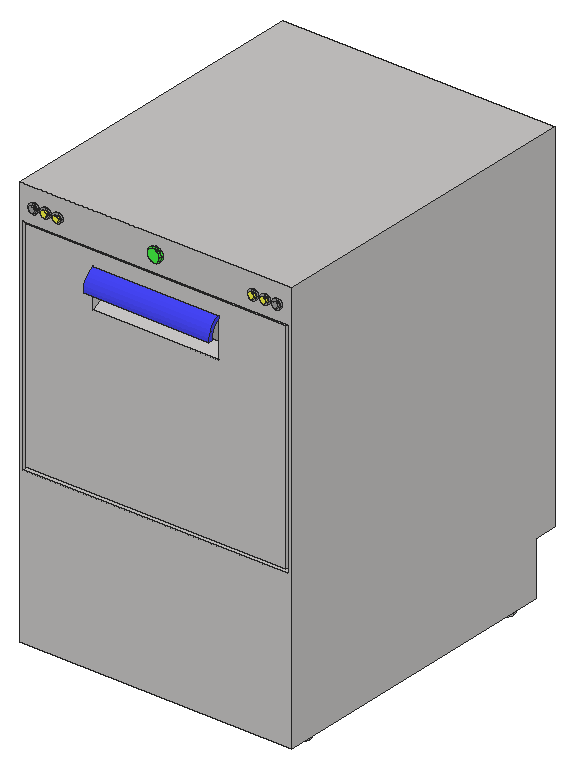
Revit family "QF_ElectroluxProfessional_402290_ESG", category Specialty Equipment, Revit 2018
Family settings
  Round Connector Dimension = Use Diameter
  Part Type = Normal
  Work Plane-Based = No
  Always vertical = Yes
  Cut with Voids When Loaded = No
  Shared = No
  Room Calculation Point = No
Parameters
  Weight = 38.00 kg
  Watts = 0 W
  Volts = 0 V
  URL Manufacturer = ""
  URL = "http://professional.electrolux.com/"
  Steam Supply Size = 0 mm
  Steam Supply Minimum Pressure = 0.0 Pa
  Steam Supply Maximum Pressure = 0.0 Pa
  Steam Pounds per Hour = 0
  Show Logo [instance] = yes
  Show Clearance [instance] = yes
  Refrigeration Suction Line Size = 0 mm
  Refrigeration Liquid Line Size = 0 mm
  Refrigerant Compressor Remote = yes
  Manufacturer = ""
  Phase = 0
  Model = ""
  Length Actual = 455 mm  # constant formula
  Item Number = ""
  Hot Water Size = 0 mm
  Height Actual = 700 mm  # constant formula
  HP = "3.6 HP"
  Gas Size = 0 mm
  Gas KW = 0
  Gas Input Pressure = 0 W
  Direct Waste Size = 29 mm
  Description = ""
  Depth Actual = 550 mm  # constant formula
  Cycle = 0 Hz
  Condensate Return Size = 0 mm
  Compressed Air Volume = 0.0 L/s
  Compressed Air Size = 0 mm
  Compressed Air Pressure = 0.0 Pa
  Cold Water Size = 0 mm
  Accessory = yes
Types (2, lengths in mm): name | Volts | URL Manufacturer | URL | Manufacturer | Phase | Model | Item Number | Description | Cycle | Cold Water Size
  (no name) | 0 V | "" | "http://professional.electrolux.com/" | "" | 0 | "" | "" | "" | 0 Hz | 0
  Standard | 220 V | "http://professional.electrolux.com" | "http://professional.electrolux.com" | "Electrolux Professional" | 1 | "ESG" | "402290" | "GLASSWASHER(S), SINGLE SKIN, DRAIN PUMP, DETERGENT DISPENSER, 30B/H" | 50 Hz | 19.05
Reference planes
  plane 1 "Center (Front/Back)": y = 0
  plane 2: z = 0
  plane 3 "Center (Left/Right)": x = 0
  plane 4 "LEFT": x = -227.5
  plane 5 "RIGHT": x = 227.5
  plane 6 "FRONT": y = -275
  plane 7 "BACK": y = 275
  plane 8: z = 700
  plane 9: z = 10
  plane 10: y = 236
Forms (mm)
  Extrusion 1, solid, material "QF_Finishes_Stainless Steel"
    sketch origin (0, 0, 0) x (1, 0, 0) y (0, 1, 0)
      loop
        line (-227.5, -275) -> (227.5, -275) -> (227.5, 236) -> (-227.5, 236) -> (-227.5, -275)
    from 10 to 700
  Extrusion 2, solid, material "QF_Finishes_Stainless Steel"
    sketch origin (0, 0, 0) x (1, 0, 0) y (0, 1, 0)
      loop
        line (-227.5, 236) -> (227.5, 236) -> (227.5, 275) -> (-227.5, 275) -> (-227.5, 236)
    from 100 to 700
  Extrusion 3, solid, material "QF_Finishes_Stainless Steel"
    sketch origin (0, 0, 0) x (1, 0, 0) y (0, 1, 0)
      loop
        circle (-208, 198) r 12.5
      loop
        circle (208, 198) r 12.5
      loop
        circle (-208, -228) r 12.5
      loop
        circle (208, -228) r 12.5
    from 0 to 10
  Extrusion 4, void
    sketch origin (-227.5, -275, 0) x (-1, 0, 0) y (0, 0, 1)
      loop
        line (-5, 643.217) -> (-450, 643.217) -> (-450, 270) -> (-5, 270) -> (-5, 643.217)
    from 0 to 30
  Extrusion 5, solid, material "QF_Finishes_Stainless Steel"
    sketch origin (-212, -392, 752) x (0, 0, -1) y (1, 0, 0)
      loop
        circle (693, 215.5) r 10
    from -628 to -667
  Extrusion 6, solid, material "QF_Door-Drawer Clearances", visible <- "Show Clearance", detail levels coarse
    sketch origin (-230, -282.5, 0) x (0, 1, 0) y (0, 0, -1)
      loop
        line (7.5, -275) -> (-335.5, -275)
        arc (-335.5, -275) -> (-241.325, -530.164) -> (7.5, -640) r 348.592
        line (7.5, -640) -> (7.5, -275)
    from -11.656 to -447.5
  Extrusion 7, solid, material "QF_Finishes_Stainless Steel"
    sketch origin (-432.481, -392, 722) x (0, 0, -1) y (1, 0, 0)
      loop
        circle (663, 324.981) r 8
    from -628 to -667
  Extrusion 8, solid, material "QF_Finishes_Stainless Steel"
    sketch origin (-230, -282.5, 0) x (0, 1, 0) y (0, 0, -1)
      loop
        line (7.5, -275) -> (7.5, -640) -> (32.5, -640) -> (32.5, -275) -> (7.5, -275)
    from -11.656 to -447.5
  Extrusion 9, solid, material "QF_Finishes_Stainless Steel"
    sketch origin (-268, -392, 682.5) x (0, 0, -1) y (1, 0, 0)
      loop
        circle (663, 230.5) r 8
    from -628 to -667
  Extrusion 10, solid, material "QF_Finishes_Green"
    sketch origin (-230, -275, 0) x (1, 0, 0) y (0, 0, 1)
      loop
        circle (230, 670.819) r 12
      loop
        circle (230, 670.819) r 10
    from 0 to 2.5
  Extrusion 11, void
    sketch origin (-225.452, 209.5, 42.5) x (0, 1, 0) y (0, 0, 1)
      loop
        line (-484.5, 568.217) -> (-484.5, 507.5) -> (-462.849, 520) -> (-484.5, 568.217)
    from 120.452 to 330.452
  Extrusion 12, solid, material "QF_Finishes_Blue"
    sketch origin (-227.5, 236, 0) x (0, -1, 0) y (0, 0, 1)
      loop
        line (511, 615.863) -> (511, 610.513)
        arc (511, 610.513) -> (522.966, 599.801) -> (525.861, 584.005) r 24.803
        line (525.861, 584.005) -> (530.907, 584.005)
        arc (530.907, 584.005) -> (526.605, 603.465) -> (511, 615.863) r 29.803
    from -332.5 to -122.5
  Extrusion 13, solid, material "QF_Finishes_Green"
    sketch origin (234, -275, -28.75) x (-1, 0, 0) y (0, 0, -1)
      loop
        circle (234, -699.569) r 10
    from 0 to 5
  Extrusion 14, solid, material "QF_Finishes_Gray"
    sketch origin (103.327, -275, -30.575) x (-1, 0, 0) y (0, 0, -1)
      loop
        circle (306.936, -698.972) r 5
    from 0 to 5
  Extrusion 15, solid, material "QF_Finishes_Gray"
    sketch origin (79.327, -275, -34.95) x (-1, 0, 0) y (0, 0, -1)
      loop
        circle (262.936, -703.347) r 8
      loop
        circle (262.936, -703.347) r 5
      loop
        circle (242.936, -703.347) r 8
      loop
        circle (242.936, -703.347) r 5
      loop
        circle (282.936, -703.347) r 8
      loop
        circle (282.936, -703.347) r 5
    from 0 to 2.5
  Extrusion 16, solid, material "QF_Finishes_Yellow"
    sketch origin (123.327, -275, -30.575) x (-1, 0, 0) y (0, 0, -1)
      loop
        circle (306.936, -698.972) r 5
    from 0 to 5
  Extrusion 17, solid, material "QF_Finishes_Yellow"
    sketch origin (143.327, -275, -30.575) x (-1, 0, 0) y (0, 0, -1)
      loop
        circle (306.936, -698.972) r 5
    from 0 to 5
  Extrusion 18, solid, material "QF_Finishes_Gray"
    sketch origin (-103.327, -275, -30.575) x (1, 0, 0) y (0, 0, 1)
      loop
        circle (306.936, 698.972) r 5
    from 0 to 5
  Extrusion 19, solid, material "QF_Finishes_Gray"
    sketch origin (-79.327, -275, -34.95) x (1, 0, 0) y (0, 0, 1)
      loop
        circle (262.936, 703.347) r 8
      loop
        circle (262.936, 703.347) r 5
      loop
        circle (242.936, 703.347) r 8
      loop
        circle (242.936, 703.347) r 5
      loop
        circle (282.936, 703.347) r 8
      loop
        circle (282.936, 703.347) r 5
    from 0 to 2.5
  Extrusion 20, solid, material "QF_Finishes_Yellow"
    sketch origin (-123.327, -275, -30.575) x (1, 0, 0) y (0, 0, 1)
      loop
        circle (306.936, 698.972) r 5
    from 0 to 5
  Extrusion 21, solid, material "QF_Finishes_Yellow"
    sketch origin (-143.327, -275, -30.575) x (1, 0, 0) y (0, 0, 1)
      loop
        circle (306.936, 698.972) r 5
    from 0 to 5
  Extrusion 22, solid, material "QF_Finishes_Yellow"
    sketch origin (-143.327, -275, -30.575) x (1, 0, 0) y (0, 0, 1)
      loop
        circle (306.936, 698.972) r 5
    from 0 to 5
Cuts and joins
  Extrusion 4 cuts Extrusion 1
  joined: Extrusion 1, Extrusion 2
  Extrusion 11 cuts Extrusion 8
Lines and regions (mm)
  Split face 1
    outline origin (-227.5, -275, 700) x (0, 0, -1) y (1, 0, 0)
      loop
        line (56.783, 5) -> (56.783, 0)
      loop
        line (56.783, 450) -> (56.783, 455)
      loop
        line (22.034, 455) -> (22.034, 384.297)
        arc (22.034, 384.297) -> (22.64, 381.25) -> (24.366, 378.667) r 7.962
        line (24.366, 378.667) -> (44.289, 358.744)
        arc (44.289, 358.744) -> (46.135, 355.982) -> (46.783, 352.723) r 8.515
        line (46.783, 352.723) -> (46.783, 246.977)
        arc (46.783, 246.977) -> (46.096, 245.319) -> (44.439, 244.633) r 2.344
        line (44.439, 244.633) -> (15.017, 244.633)
        arc (15.017, 244.633) -> (12.73, 243.685) -> (11.783, 241.398) r 3.234
        line (11.783, 241.398) -> (11.783, 227.133) -> (11.783, 212.867)
        arc (11.783, 212.867) -> (12.73, 210.58) -> (15.017, 209.633) r 3.234
        line (15.017, 209.633) -> (44.439, 209.633)
        arc (44.439, 209.633) -> (46.096, 208.946) -> (46.783, 207.289) r 2.344
        line (46.783, 207.289) -> (46.783, 102.277)
        arc (46.783, 102.277) -> (46.135, 99.018) -> (44.289, 96.256) r 8.515
        line (44.289, 96.256) -> (24.366, 76.333)
        arc (24.366, 76.333) -> (22.64, 73.75) -> (22.034, 70.703) r 7.962
        line (22.034, 70.703) -> (22.034, 0)
  symbolic lines
    curve 1: line (-227.5, 275, 0) -> (227.5, 275, 0)
    curve 2: line (-227.5, -275, 0) -> (-227.5, 275, 0)
    curve 3: line (227.5, -275, 0) -> (-227.5, -275, 0)
    curve 4: line (227.5, 275, 0) -> (227.5, -275, 0)
    curve 8: line (-12, -277.5, 0) -> (12, -277.5, 0)
    curve 9: line (12, -277.5, 0) -> (12, -275, 0)
    curve 10: line (-12, -277.5, 0) -> (-12, -275, 0)
    curve 11: line (-10, -280, 0) -> (10, -280, 0)
    curve 12: line (10, -280, 0) -> (10, -277.5, 0)
    curve 13: line (-10, -280, 0) -> (-10, -277.5, 0)
    curve 16: line (-211.6, -277.5, 0) -> (-211.6, -275, 0)
    curve 17: line (-195.609, -277.5, 0) -> (-195.609, -275, 0)
    curve 18: line (-208.587, -280, 0) -> (-198.596, -280, 0)
    curve 19: line (-198.596, -280, 0) -> (-198.596, -277.5, 0)
    curve 20: line (-208.587, -280, 0) -> (-208.587, -277.5, 0)
    curve 21: line (-191.596, -277.5, 0) -> (-175.596, -277.5, 0)
    curve 22: line (-175.596, -277.5, 0) -> (-175.596, -275, 0)
    curve 23: line (-191.596, -277.5, 0) -> (-191.596, -275, 0)
    curve 24: line (-188.596, -280, 0) -> (-178.596, -280, 0)
    curve 25: line (-178.596, -280, 0) -> (-178.596, -277.5, 0)
    curve 26: line (-188.596, -280, 0) -> (-188.596, -277.5, 0)
    curve 27: line (-171.596, -277.5, 0) -> (-155.596, -277.5, 0)
    curve 28: line (-155.596, -277.5, 0) -> (-155.596, -275, 0)
    curve 29: line (-171.596, -277.5, 0) -> (-171.596, -275, 0)
    curve 30: line (-168.596, -280, 0) -> (-158.596, -280, 0)
    curve 31: line (-158.596, -280, 0) -> (-158.596, -277.5, 0)
    curve 32: line (-168.596, -280, 0) -> (-168.596, -277.5, 0)
    curve 33: line (175.609, -277.5, 0) -> (191.609, -277.5, 0)
    curve 34: line (191.609, -277.5, 0) -> (191.609, -275, 0)
    curve 35: line (178.609, -280, 0) -> (188.609, -280, 0)
    curve 36: line (188.609, -280, 0) -> (188.609, -277.5, 0)
    curve 37: line (178.609, -280, 0) -> (178.609, -277.5, 0)
    curve 38: line (175.609, -277.5, 0) -> (175.609, -275, 0)
    curve 39: line (195.609, -277.5, 0) -> (211.609, -277.5, 0)
    curve 40: line (211.609, -277.5, 0) -> (211.609, -275, 0)
    curve 41: line (198.609, -280, 0) -> (208.609, -280, 0)
    curve 42: line (208.609, -280, 0) -> (208.609, -277.5, 0)
    curve 43: line (198.609, -280, 0) -> (198.609, -277.5, 0)
    curve 44: line (195.609, -277.5, 0) -> (195.609, -275, 0)
    curve 45: line (-112.5, -275, 0) -> (-112.5, -295.134, 0)
    curve 46: line (112.5, -275, 0) -> (112.5, -295.134, 0)
    curve 47: line (112.5, -295.134, 0) -> (-112.5, -295.134, 0)
    curve 48: line (155.609, -277.5, 0) -> (171.609, -277.5, 0)
    curve 49: line (171.609, -277.5, 0) -> (171.609, -275, 0)
    curve 50: line (158.609, -280, 0) -> (168.609, -280, 0)
    curve 51: line (168.609, -280, 0) -> (168.609, -277.5, 0)
    curve 52: line (158.609, -280, 0) -> (158.609, -277.5, 0)
    curve 53: line (155.609, -277.5, 0) -> (155.609, -275, 0)
  symbolic lines, style "QF_Door-Drawer Clearances"
    curve 5: line (-217.5, -618, 0) -> (217.5, -618, 0)
    curve 6: line (217.5, -618, 0) -> (217.5, -275, 0)
    curve 7: line (-217.5, -618, 0) -> (-217.5, -275, 0)
  symbolic lines, style "SpecialityEquipmentHiddenLines"
    curve 14: line (-227.5, 236, 0) -> (227.5, 236, 0)
  symbolic lines, style "SpecialityEquipment"
    curve 15: line (-211.6, -277.5, 0) -> (-195.609, -277.5, 0)
Dimensions and locks
  equal spacing: plane 4 "LEFT", plane 3 "Center (Left/Right)", plane 5 "RIGHT"
  equal spacing: plane 7 "BACK", plane 1 "Center (Front/Back)", plane 6 "FRONT"
  plane 7 "BACK" to plane 6 "FRONT" = 550 mm
  plane 4 "LEFT" to plane 5 "RIGHT" = 455 mm
  locked: plane 9 to level at 10
  plane 4 "LEFT" to plane 3 "Center (Left/Right)" = 227.5 mm
  plane 8 to level = 700 mm  (x2)
  level to Extrusion 9 sketch curve = 19.5 mm
  Extrusion 9 sketch curve to plane 4 "LEFT" = 190 mm
  level to Extrusion 5 sketch curve = 59 mm
  Extrusion 5 sketch curve to plane 4 "LEFT" = 231 mm
  Extrusion 7 sketch curve to plane 4 "LEFT" = 120 mm
  level to Extrusion 7 sketch curve = 59 mm
  Extrusion 3 to cut or joined group of Extrusion 1, Extrusion 2, Extrusion 4 = 77 mm
  Extrusion 3 to Extrusion 3 = 426 mm
  plane 6 "FRONT" to Extrusion 3 = 47 mm
  plane 1 "Center (Front/Back)" to plane 6 "FRONT" = 275 mm
  locked: plane 7 "BACK" to plane 10 at 39
  plane 6 "FRONT" to curve 5 = 343 mm
  Extrusion 8 to cut or joined group of Extrusion 1, Extrusion 2, Extrusion 4 = 370 mm
  aligned and locked: level to plane 2
  aligned and locked: Extrusion 1 sketch curve to plane 6 "FRONT"
  aligned and locked: Extrusion 1 sketch curve to plane 4 "LEFT"
  aligned and locked: plane 5 "RIGHT" to Extrusion 1 sketch curve
  aligned and locked: Extrusion 1 to plane 9
  aligned and locked: Extrusion 2 sketch curve to Extrusion 1
  aligned and locked: plane 7 "BACK" to Extrusion 2 sketch curve
  aligned and locked: plane 5 "RIGHT" to Extrusion 2 sketch curve
  aligned and locked: plane 9 to Extrusion 3
  aligned and locked: cut or joined group of Extrusion 1, Extrusion 2, Extrusion 4 to plane 10
Automatic sketch dimensions
  curve 1 to plane 4 "LEFT" = 0 mm
  curve 7 to plane 6 "FRONT" = 0 mm
  curve 4 to plane 5 "RIGHT" = 0 mm
  curve 14 to plane 10 = 0 mm
  curve 2 to plane 7 "BACK" = 0 mm
  plane 4 "LEFT" to curve 5 = 10 mm
  curve 15 to plane 6 "FRONT" = 2.5 mm
  curve 7 to curve 15 = 5.9 mm
  curve 15 to curve 20 = 3.013 mm
  curve 18 to curve 19 = 9.991 mm
  curve 19 to curve 17 = 2.987 mm
  curve 15 to curve 23 = 4.013 mm
  curve 21 to curve 24 = 3 mm
  curve 25 to plane 6 "FRONT" = 5 mm
  curve 24 to curve 25 = 10 mm
  curve 25 to curve 22 = 3 mm
  curve 21 to curve 27 = 4 mm
  curve 27 to curve 30 = 3 mm
  curve 31 to plane 6 "FRONT" = 5 mm
  curve 30 to curve 31 = 10 mm
  curve 31 to curve 27 = 3 mm
  curve 45 to plane 6 "FRONT" = 20.134 mm
  curve 27 to curve 45 = 43.096 mm
  curve 8 to plane 6 "FRONT" = 2.5 mm
  curve 8 to plane 3 "Center (Left/Right)" = 12 mm
  curve 8 to curve 11 = 2 mm
  plane 3 "Center (Left/Right)" to curve 11 = 10 mm
  curve 12 to curve 8 = 2 mm
  curve 8 to curve 47 = 100.5 mm
  curve 53 to plane 6 "FRONT" = 2.5 mm
  curve 46 to curve 53 = 43.109 mm
  curve 48 to curve 52 = 3 mm
  curve 51 to plane 6 "FRONT" = 5 mm
  curve 50 to curve 51 = 10 mm
  curve 51 to curve 48 = 3 mm
  curve 48 to curve 38 = 4 mm
  curve 33 to curve 37 = 3 mm
  curve 35 to plane 6 "FRONT" = 5 mm
  curve 35 to curve 35 = 10 mm
  curve 36 to curve 34 = 3 mm
  curve 33 to curve 44 = 4 mm
  curve 39 to curve 41 = 3 mm
  curve 41 to plane 6 "FRONT" = 5 mm
  curve 41 to curve 41 = 10 mm
  curve 42 to curve 40 = 3 mm
  curve 6 to plane 5 "RIGHT" = 10 mm
  curve 11 to curve 13 = 2.5 mm
  curve 20 to curve 20 = 2.5 mm
  curve 21 to plane 6 "FRONT" = 2.5 mm
  curve 27 to plane 6 "FRONT" = 2.5 mm
  curve 44 to plane 6 "FRONT" = 2.5 mm
  curve 33 to plane 6 "FRONT" = 2.5 mm
  Extrusion 1 sketch curve to plane 10 = 0 mm
  Extrusion 2 sketch curve to plane 10 = 0 mm
  plane 4 "LEFT" to Extrusion 3 sketch curve = 19.5 mm  (x2)
  Extrusion 3 sketch curve to plane 5 "RIGHT" = 19.5 mm  (x2)
  plane 6 "FRONT" to Extrusion 3 sketch curve = 47 mm  (x2)
  Extrusion 3 sketch curve to plane 10 = 38 mm  (x2)
  Extrusion 4 sketch curve to Extrusion 1 = 5 mm  (x2)
  Extrusion 4 sketch curve to Extrusion 1 = 260 mm
  Extrusion 4 sketch curve to Extrusion 1 = 56.783 mm
  Extrusion 6 sketch curve to plane 6 "FRONT" = 0 mm
  Extrusion 6 sketch curve to plane 6 "FRONT" = 343 mm
  plane 6 "FRONT" to Extrusion 6 sketch curve = 5.204 mm
  Extrusion 6 sketch curve to plane 8 = 60 mm
  level to Extrusion 6 sketch curve = 291.447 mm
  Extrusion 8 sketch curve to plane 6 "FRONT" = 0 mm
  Extrusion 8 sketch curve to Extrusion 8 sketch curve = 25 mm
  Extrusion 8 sketch curve to plane 8 = 60 mm
  plane 9 to Extrusion 8 sketch curve = 265 mm
  Extrusion 10 sketch curve to Extrusion 10 sketch curve = 0 mm  (x2)
  Extrusion 1 to Extrusion 10 sketch curve = 29.181 mm
  Extrusion 1 to Extrusion 10 sketch curve = 227.5 mm
  Extrusion 11 sketch curve to plane 6 "FRONT" = 0 mm
  plane 6 "FRONT" to Extrusion 11 sketch curve = 21.651 mm
  Extrusion 11 sketch curve to plane 8 = 150 mm
  Extrusion 11 sketch curve to Extrusion 11 sketch curve = 12.5 mm
  Extrusion 11 sketch curve to Extrusion 11 sketch curve = 48.217 mm
  Extrusion 12 sketch curve to Extrusion 12 sketch curve = 0 mm  (x2)
  Extrusion 12 sketch curve to Extrusion 1 = 0 mm
  Extrusion 12 sketch curve to Extrusion 1 = 9.669 mm
  Extrusion 1 to Extrusion 12 sketch curve = 14.861 mm
  Extrusion 12 sketch curve to Extrusion 12 sketch curve = 5.046 mm
  Extrusion 1 to Extrusion 12 sketch curve = 115.995 mm
  Extrusion 12 sketch curve to Extrusion 12 sketch curve = 3.668 mm
  cut or joined group of Extrusion 1, Extrusion 2, Extrusion 4 to Split face 1 sketch curve = 0 mm  (x2)
  Split face 1 sketch curve to cut or joined group of Extrusion 1, Extrusion 2, Extrusion 4 = 0 mm  (x6)
  cut or joined group of Extrusion 1, Extrusion 2, Extrusion 4 to Split face 1 sketch curve = 10 mm  (x2)
  Split face 1 sketch curve to Split face 1 sketch curve = 2.344 mm  (x2)
  Split face 1 sketch curve to Split face 1 sketch curve = 2.494 mm  (x2)
  Split face 1 sketch curve to Split face 1 sketch curve = 8.515 mm  (x2)
  cut or joined group of Extrusion 1, Extrusion 2, Extrusion 4 to Split face 1 sketch curve = 26.786 mm  (x2)
  Split face 1 sketch curve to Split face 1 sketch curve = 5.63 mm  (x2)
  Split face 1 sketch curve to Split face 1 sketch curve = 2.332 mm  (x2)
  Split face 1 sketch curve to cut or joined group of Extrusion 1, Extrusion 2, Extrusion 4 = 15.017 mm  (x2)
  Split face 1 sketch curve to cut or joined group of Extrusion 1, Extrusion 2, Extrusion 4 = 11.783 mm
  Split face 1 sketch curve to cut or joined group of Extrusion 1, Extrusion 2, Extrusion 4 = 65.703 mm
  Split face 1 sketch curve to Split face 1 sketch curve = 19.923 mm  (x2)
  Split face 1 sketch curve to Split face 1 sketch curve = 105.012 mm
  Split face 1 sketch curve to Split face 1 sketch curve = 14.266 mm  (x2)
  Split face 1 sketch curve to cut or joined group of Extrusion 1, Extrusion 2, Extrusion 4 = 97.277 mm
  Extrusion 13 sketch curve to Extrusion 13 sketch curve = 0 mm  (x2)
  Extrusion 13 sketch curve to plane 3 "Center (Left/Right)" = 0 mm
  Extrusion 13 sketch curve to plane 8 = 29.181 mm
  plane 3 "Center (Left/Right)" to Extrusion 13 sketch curve = 10 mm
  Extrusion 14 sketch curve to Extrusion 14 sketch curve = 0 mm  (x2)
  plane 4 "LEFT" to Extrusion 14 sketch curve = 23.891 mm
  Extrusion 14 sketch curve to plane 8 = 31.603 mm
  Extrusion 14 sketch curve to Extrusion 14 sketch curve = 5 mm
  Extrusion 15 sketch curve to Extrusion 15 sketch curve = 0 mm  (x8)
  Extrusion 15 sketch curve to plane 8 = 31.603 mm
  plane 4 "LEFT" to Extrusion 15 sketch curve = 63.891 mm
  Extrusion 15 sketch curve to Extrusion 15 sketch curve = 20 mm  (x2)
  Extrusion 16 sketch curve to Extrusion 16 sketch curve = 0 mm  (x2)
  plane 4 "LEFT" to Extrusion 16 sketch curve = 43.891 mm
  Extrusion 16 sketch curve to plane 8 = 31.603 mm
  Extrusion 16 sketch curve to Extrusion 16 sketch curve = 5 mm
  Extrusion 17 sketch curve to Extrusion 17 sketch curve = 0 mm  (x2)
  Extrusion 17 sketch curve to plane 8 = 31.603 mm
  plane 4 "LEFT" to Extrusion 17 sketch curve = 63.891 mm
  Extrusion 17 sketch curve to Extrusion 17 sketch curve = 5 mm
  Extrusion 18 sketch curve to Extrusion 18 sketch curve = 0 mm  (x2)
  Extrusion 18 sketch curve to plane 5 "RIGHT" = 23.891 mm
  Extrusion 18 sketch curve to plane 8 = 31.603 mm
  Extrusion 18 sketch curve to Extrusion 18 sketch curve = 5 mm
  Extrusion 19 sketch curve to Extrusion 19 sketch curve = 0 mm  (x8)
  Extrusion 19 sketch curve to plane 8 = 31.603 mm
  Extrusion 19 sketch curve to plane 5 "RIGHT" = 63.891 mm
  Extrusion 19 sketch curve to Extrusion 19 sketch curve = 20 mm  (x2)
  Extrusion 20 sketch curve to Extrusion 20 sketch curve = 0 mm  (x2)
  Extrusion 20 sketch curve to plane 5 "RIGHT" = 43.891 mm
  Extrusion 20 sketch curve to plane 8 = 31.603 mm
  Extrusion 20 sketch curve to Extrusion 20 sketch curve = 5 mm
  Extrusion 21 sketch curve to Extrusion 21 sketch curve = 0 mm  (x2)
  Extrusion 21 sketch curve to plane 8 = 31.603 mm
  Extrusion 21 sketch curve to plane 5 "RIGHT" = 63.891 mm
  Extrusion 21 sketch curve to Extrusion 21 sketch curve = 5 mm
  Extrusion 22 sketch curve to Extrusion 22 sketch curve = 0 mm  (x2)
  Extrusion 22 sketch curve to plane 8 = 31.603 mm
  Extrusion 22 sketch curve to plane 5 "RIGHT" = 63.891 mm
  Extrusion 22 sketch curve to Extrusion 22 sketch curve = 5 mm
  radius of Extrusion 3 sketch curve = 12.5 mm  (x4)
  radius of Extrusion 5 sketch curve = 10 mm
  radius of Extrusion 7 sketch curve = 8 mm
  radius of Extrusion 9 sketch curve = 8 mm
  radius of Extrusion 10 sketch curve = 12 mm
  radius of Extrusion 10 sketch curve = 10 mm
  radius of Extrusion 15 sketch curve = 8 mm  (x3)
  radius of Extrusion 15 sketch curve = 5 mm  (x3)
  radius of Extrusion 19 sketch curve = 8 mm  (x3)
  radius of Extrusion 19 sketch curve = 5 mm  (x3)
Connectors
  piping at (3.5, 275, 59), diameter 20
    settings: on Extrusion 5, index 1, connector inside diameter 609.6 mm, connector length 0 mm, flow factor 0, pipe flow 0.0 L/s, pressure drop 0.0 Pa, fitting loss kfactor 0, connector angle 0.00°, fixture units 0, engagement length 0 mm, angle of deflection 0.00°, flow configuration 1, flow direction 1, fitting loss method 0, system type 16, joint type 0, gender type 0, connector reference index -1, connector utility 0, adjustable connector no, is connector primary yes, connector description "Drain"
  piping at (-107.5, 275, 59), driven by "Cold Water Size"
    settings: on Extrusion 7, index 3, connector diameter 0 mm, connector inside diameter 609.6 mm, connector length 0 mm, flow factor 0, pipe flow 0.0 L/s, pressure drop 0.0 Pa, fitting loss kfactor 0, connector angle 0.00°, fixture units 0, engagement length 0 mm, angle of deflection 0.00°, flow configuration 1, flow direction 1, fitting loss method 0, system type 20, joint type 0, gender type 0, connector reference index -1, connector utility 0, adjustable connector no, is connector primary no, connector description "Cold Water Inlet"
  electrical at (-37.5, 275, 19.5), driven by "Volts"
    settings: on Extrusion 9, index 4, voltage 0 V, apparent load 0 VA, apparent load phase1 0 VA, apparent load phase2 0 VA, apparent load phase3 0 VA, power factor 1, load classification "Altro", number of poles 1, system type 31, power factor state 1, is connector primary yes, connector utility no, sub classification motor no, connector description "Electrical Connection"
